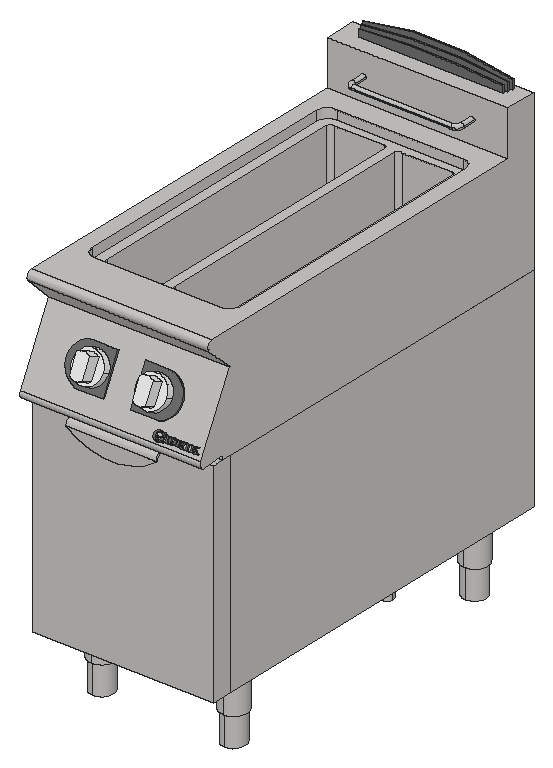
Revit family "QF_GIORIK_FE9207M", category Specialty Equipment, Revit 2014
Parameters (values of type "FE9207M")
  Weight in Pounds = 194.0066
  Watts = 14000 W
  Volts = 400 V
  URL Cutsheet = "www.giorik.com"
  URL = "www.giorik.com"
  Status [instance] = ""
  Specification by User [instance] = ""
  Specification by Manufacturer = ""
  Show Logo [instance] = yes
  Show Clearance [instance] = yes
  Serial Number = ""
  Seismic Rating = ""
  SMACNA No = ""
  Revision Code [instance] = ""
  Phase = 3
  Number of Poles [instance] = 3
  NAFEM Spec ID Number = ""
  Model = "FE9207M"
  Min Ckt Ampacity = 0 A
  Max Overcurrent Protection = 0 A
  Masterspec = ""
  Manufacturer = "GIORIK"
  Item Number [instance] = ""
  Installed By [instance] = ""
  Identify Quantity as Lot [instance] = no
  HP = "18.774280000000"
  Furnished By [instance] = ""
  Foodservice Equipment Identifier [instance] = yes
  FL Amps = 0 A
  Electrical Remarks [instance] = ""
  Electric Connection Type [instance] = ""
  Elec Conn RI Height [instance] = 0 mm
  Elec Conn Connection Height [instance] = 150 mm
  Description = "8+8 LITRE MELTING ELECTRIC FRYER."
  Cycle = 50 Hz
  Conn Plug = ""
  CSI MasterFormat = ""
  Assembly Code = "E1090320"
  Apparent Power = 14000 VA
Reference planes
  plane 1 "Back": y = 0
  plane 2: z = 0
  plane 3 "Left": x = 0
  plane 4 "Right": x = 400
  plane 5 "Front": y = -920
  plane 6 "Top": z = 900
Forms (mm)
  Extrusion 1, solid, visible <- "Show Logo"
    sketch origin (196.604, -936.761, 609.486) x (-1, 0, 0) y (0, 0.452718, 0.891654)
      loop
        line (-118.824, 58.358) -> (-127.804, 58.358) -> (-125.523, 56.445) -> (-125.523, 48.027) -> (-127.804, 46.113) -> (-118.824, 46.113) -> (-121.105, 48.027) -> (-121.105, 56.445) -> (-118.824, 58.358)
      loop
        line (-163.721, 58.358) -> (-172.7, 58.358) -> (-170.42, 56.445) -> (-170.42, 48.027) -> (-172.7, 46.113) -> (-163.721, 46.113) -> (-166.001, 48.027) -> (-166.001, 56.445) -> (-163.721, 58.358)
      loop
        line (-174.332, 58.358) -> (-183.312, 58.358) -> (-181.031, 56.445) -> (-181.031, 52.435) -> (-186.419, 56.955) -> (-184.416, 58.358) -> (-191.268, 58.358) -> (-188.01, 56.839) -> (-185.455, 54.283) -> (-190.846, 47.858) -> (-193.396, 46.93) -> (-193.396, 46.113) -> (-184.416, 46.113) -> (-185.437, 47.571) -> (-182.443, 51.552) -> (-181.031, 50.894) -> (-181.031, 48.027) -> (-183.312, 46.113) -> (-174.332, 46.113) -> (-176.613, 48.027) -> (-176.613, 56.445) -> (-174.332, 58.358)
      loop
        line (-115.429, 62.063) -> (-115.429, 54.198)
        arc (-115.429, 54.198) -> (-111.618, 57.803) -> (-106.847, 59.986) r 16.039
        arc (-106.847, 59.986) -> (-103.314, 59.837) -> (-100.512, 57.68) r 5.851
        arc (-100.512, 57.68) -> (-98.815, 52.267) -> (-100.512, 46.853) r 9.479
        arc (-100.512, 46.853) -> (-102.406, 44.986) -> (-104.846, 43.93) r 7.236
        arc (-104.846, 43.93) -> (-107.728, 44.111) -> (-110.052, 45.825) r 5.11
        line (-110.052, 45.825) -> (-110.052, 52.001) -> (-116.141, 52.001) -> (-116.141, 45.503) -> (-117.893, 43.751) -> (-114.094, 44.769)
        arc (-114.094, 44.769) -> (-112.56, 44.947) -> (-111.129, 44.366) r 3.115
        arc (-111.129, 44.366) -> (-104.216, 42.091) -> (-97.303, 44.366) r 11.641
        arc (-97.303, 44.366) -> (-93.396, 52.107) -> (-97.303, 59.849) r 9.622
        arc (-97.303, 59.849) -> (-104.369, 62.174) -> (-111.435, 59.849) r 11.898
        line (-111.435, 59.849) -> (-115.429, 62.063)
      loop
        arc (-129.234, 56.068) -> (-135.893, 58.628) -> (-142.552, 56.068) r 9.941
        arc (-142.552, 56.068) -> (-144.234, 52.286) -> (-142.552, 48.505) r 5.093
        arc (-142.552, 48.505) -> (-135.893, 45.945) -> (-129.234, 48.505) r 9.941
        arc (-129.234, 48.505) -> (-127.552, 52.286) -> (-129.234, 56.068) r 5.093
      loop
        arc (-132.628, 54.403) -> (-135.893, 57.668) -> (-139.158, 54.403) r 3.265
        line (-139.158, 54.403) -> (-139.158, 50.169)
        arc (-139.158, 50.169) -> (-135.893, 46.904) -> (-132.628, 50.169) r 3.265
        line (-132.628, 50.169) -> (-132.628, 54.403)
      loop
        arc (-156.363, 58.365) -> (-159.647, 55.081) -> (-156.363, 51.796) r 3.285
        line (-156.363, 51.796) -> (-159.529, 47.306) -> (-162.087, 46.113) -> (-155.847, 46.113) -> (-153.529, 51.083) -> (-150.637, 51.083) -> (-150.637, 47.784) -> (-153.022, 46.113) -> (-144.011, 46.113) -> (-146.094, 47.68) -> (-146.094, 56.493) -> (-144.229, 58.365) -> (-156.363, 58.365)
      loop
        line (-150.637, 57.512) -> (-153.637, 57.512)
        arc (-153.637, 57.512) -> (-156.237, 54.912) -> (-153.637, 52.312) r 2.6
        line (-153.637, 52.312) -> (-150.637, 52.312) -> (-150.637, 57.512)
      loop
        line (-108.924, 52.001) -> (-104.936, 49.005) -> (-100.948, 52.001) -> (-108.924, 52.001)
    from 1.5 to -0.5
  Extrusion 2, solid
    sketch origin (-16, 1025.81, 0) x (1, 0, 0) y (0, 1, 0)
      loop
        line (25, -1086.81) -> (25, -1156.81) -> (115, -1156.81) -> (115, -1086.81) -> (25, -1086.81)
    from 148 to 150
  Extrusion 3, solid
    sketch origin (-14, 0, 130) x (1, 0, 0) y (0, 1, 0)
      loop
        circle (54, -385) r 12.5
    from 0 to 20
  Extrusion 4, solid
    sketch origin (0, 800, -20) x (0, 1, 0) y (0, 0, 1)
      loop
        line (-800, 989.988) -> (-870, 989.988) -> (-870, 889.988) -> (-1688.806, 889.988)
        arc (-1688.806, 889.988) -> (-1699.151, 883.075) -> (-1696.724, 870.873) r 11.197
        line (-1696.724, 870.873) -> (-1640.876, 815.025) -> (-1718.948, 661.258)
        arc (-1718.948, 661.258) -> (-1718.233, 650.105) -> (-1708.118, 645.354) r 10.981
        line (-1708.118, 645.354) -> (-1660, 649.925) -> (-1660, 640) -> (-800, 640) -> (-800, 989.988)
    from 0 to 400
  Extrusion 5, solid
    sketch origin (0, -200, 599.536) x (1, 0, 0) y (0, 1, 0)
      loop
        line (0, -640) -> (40, -640) -> (40, 160) -> (360, 160) -> (360, -640) -> (400, -640) -> (400, 200) -> (0, 200) -> (0, -640)
    from -449.536 to 20.464
  Extrusion 6, solid
    sketch origin (0, -200, 0) x (1, 0, 0) y (0, 1, 0)
      loop
        line (40, 160) -> (40, -640) -> (360, -640) -> (360, 160) -> (40, 160)
    from 150 to 190
  Extrusion 7, solid
    sketch origin (-16, 360.81, 0) x (1, 0, 0) y (0, 1, 0)
      loop
        line (25, -1086.81) -> (25, -1156.81) -> (115, -1156.81) -> (115, -1086.81) -> (25, -1086.81)
    from 148 to 150
  Revolve 8, solid
    sketch origin (54, 360.81, 0) x (0, 1, 0) y (0, 0, 1)
      loop
        line (-1092.56, 66) -> (-1092.56, 148) -> (-1121.81, 148) -> (-1121.81, 0) -> (-1096.81, 0) -> (-1096.81, 66) -> (-1092.56, 66)
      axis (-1121.81, 0) -> (-1121.81, 148)
    angle from 0 to 360
  Revolve 9, solid
    sketch origin (54, 1025.81, 0) x (0, 1, 0) y (0, 0, 1)
      loop
        line (-1092.56, 66) -> (-1092.56, 148) -> (-1121.81, 148) -> (-1121.81, 0) -> (-1096.81, 0) -> (-1096.81, 66) -> (-1092.56, 66)
      axis (-1121.81, 0) -> (-1121.81, 148)
    angle from 0 to 360
  Extrusion 10, solid
    sketch origin (416, 360.81, 0) x (-1, 0, 0) y (0, -1, 0)
      loop
        line (25, 1086.81) -> (115, 1086.81) -> (115, 1156.81) -> (25, 1156.81) -> (25, 1086.81)
    from 148 to 150
  Revolve 11, solid
    sketch origin (346, 360.81, 0) x (0, 1, 0) y (0, 0, -1)
      loop
        line (-1092.56, -66) -> (-1096.81, -66) -> (-1096.81, 0) -> (-1121.81, 0) -> (-1121.81, -148) -> (-1092.56, -148) -> (-1092.56, -66)
      axis (-1121.81, 0) -> (-1121.81, -148)
    angle from 0 to 360
  Extrusion 12, solid
    sketch origin (416, -1217.81, 0) x (-1, 0, 0) y (0, -1, 0)
      loop
        line (25, -1086.81) -> (25, -1156.81) -> (115, -1156.81) -> (115, -1086.81) -> (25, -1086.81)
    from 148 to 150
  Revolve 13, solid
    sketch origin (346, -1217.81, 0) x (0, -1, 0) y (0, 0, 1)
      loop
        line (-1092.56, 66) -> (-1092.56, 148) -> (-1121.81, 148) -> (-1121.81, 0) -> (-1096.81, 0) -> (-1096.81, 66) -> (-1092.56, 66)
      axis (-1121.81, 0) -> (-1121.81, 148)
    angle from 0 to 360
  Extrusion 14, solid
    sketch origin (-293.221, -1163.345, 52.363) x (1, 0, 0) y (0, 0.452718, 0.891654)
      loop
        line (463.221, 676.25) -> (463.221, 766.25) -> (409.698, 766.25)
        arc (409.698, 766.25) -> (364.698, 721.25) -> (409.698, 676.25) r 45
        line (409.698, 676.25) -> (463.221, 676.25)
    from 48 to 50
  Extrusion 15, solid
    sketch origin (481.331, -1208.697, 74.959) x (-1, 0, 0) y (0, -0.45351, -0.891251)
      loop
        circle (351.331, -721.346) r 35
    from 0 to 15
  Extrusion 16, solid
    sketch origin (481.331, -1208.697, 74.959) x (-1, 0, 0) y (0, -0.45351, -0.891251)
      loop
        arc (336.331, -743.846) -> (351.331, -748.846) -> (366.331, -743.846) r 25
        line (366.331, -743.846) -> (366.331, -698.846)
        arc (366.331, -698.846) -> (351.331, -693.846) -> (336.331, -698.846) r 25
        line (336.331, -698.846) -> (336.331, -743.846)
    from 15 to 40
  Extrusion 17, solid
    sketch origin (-94, 0, 59.999) x (1, 0, 0) y (0, 0, 1)
      loop
        line (135, 909.989) -> (453, 909.989) -> (453, 925.527) -> (347.056, 931.749) -> (240.944, 931.749) -> (135, 925.527) -> (135, 909.989)
    from 32 to 35
  Extrusion 18, solid
    sketch origin (-92, 10, 59.999) x (1, 0, 0) y (0, 0, 1)
      loop
        line (454, 909.989) -> (454, 928.527) -> (346.162, 939.193) -> (237.838, 939.193) -> (130, 928.527) -> (130, 909.989) -> (454, 909.989)
    from 32 to 35
  Extrusion 19, solid
    sketch origin (-90, 20, 59.999) x (1, 0, 0) y (0, 0, 1)
      loop
        line (455, 909.989) -> (455, 930.527) -> (345.396, 947.413) -> (234.604, 947.413) -> (125, 930.527) -> (125, 909.989) -> (455, 909.989)
    from 32 to 35
  Extrusion 20, void
    sketch origin (0, -200, 819.988) x (0, 1, 0) y (-1, 0, 0)
      loop
        arc (80, -60) -> (72.678, -42.322) -> (55, -35) r 25
        line (55, -35) -> (-565.002, -35)
        arc (-565.002, -35) -> (-582.68, -42.322) -> (-590.002, -60) r 25
        line (-590.002, -60) -> (-590.002, -340)
        arc (-590.002, -340) -> (-582.68, -357.678) -> (-565.002, -365) r 25
        line (-565.002, -365) -> (55, -365)
        arc (55, -365) -> (72.678, -357.678) -> (80, -340) r 25
        line (80, -340) -> (80, -60)
    from -100 to 50
  Extrusion 21, solid
    sketch origin (0, -200, 900) x (0, 1, 0) y (-1, 0, 0)
      loop
        arc (80, -60) -> (72.678, -42.322) -> (55, -35) r 25
        line (55, -35) -> (-565.002, -35)
        arc (-565.002, -35) -> (-582.68, -42.322) -> (-590.002, -60) r 25
        line (-590.002, -60) -> (-590.002, -340)
        arc (-590.002, -340) -> (-582.68, -357.678) -> (-565.002, -365) r 25
        line (-565.002, -365) -> (55, -365)
        arc (55, -365) -> (72.678, -357.678) -> (80, -340) r 25
        line (80, -340) -> (80, -60)
      loop
        arc (60, -70) -> (57.071, -62.929) -> (50, -60) r 10
        line (50, -60) -> (-555.002, -60)
        arc (-555.002, -60) -> (-562.073, -62.929) -> (-565.002, -70) r 10
        line (-565.002, -70) -> (-565.002, -180)
        arc (-565.002, -180) -> (-562.073, -187.071) -> (-555.002, -190) r 10
        line (-555.002, -190) -> (50, -190)
        arc (50, -190) -> (57.071, -187.071) -> (60, -180) r 10
        line (60, -180) -> (60, -70)
      loop
        line (60, -330) -> (60, -220)
        arc (60, -220) -> (57.071, -212.929) -> (50, -210) r 10
        line (50, -210) -> (-555.002, -210)
        arc (-555.002, -210) -> (-562.073, -212.929) -> (-565.002, -220) r 10
        line (-565.002, -220) -> (-565.002, -330)
        arc (-565.002, -330) -> (-562.073, -337.071) -> (-555.002, -340) r 10
        line (-555.002, -340) -> (50, -340)
        arc (50, -340) -> (57.071, -337.071) -> (60, -330) r 10
    from -180.012 to -50
  Extrusion 22, solid
    sketch origin (693.221, -1163.345, 52.363) x (-1, 0, 0) y (0, -0.452718, -0.891654)
      loop
        line (463.221, -676.25) -> (409.698, -676.25)
        arc (409.698, -676.25) -> (364.698, -721.25) -> (409.698, -766.25) r 45
        line (409.698, -766.25) -> (463.221, -766.25) -> (463.221, -676.25)
    from 48 to 50
  Extrusion 23, solid
    sketch origin (-81.331, -1208.697, 74.959) x (1, 0, 0) y (0, 0.45351, 0.891251)
      loop
        circle (351.331, 721.346) r 35
    from 0 to 15
  Extrusion 24, solid
    sketch origin (-81.331, -1208.697, 74.959) x (1, 0, 0) y (0, 0.45351, 0.891251)
      loop
        line (336.331, 743.846) -> (336.331, 698.846)
        arc (336.331, 698.846) -> (351.331, 693.846) -> (366.331, 698.846) r 25
        line (366.331, 698.846) -> (366.331, 743.846)
        arc (366.331, 743.846) -> (351.331, 748.846) -> (336.331, 743.846) r 25
    from 15 to 40
  Extrusion 25, solid
    sketch origin (0, -925, 0) x (1, 0, 0) y (0, 0, 1)
      loop
        line (0, 620) -> (0, 150) -> (400, 150) -> (400, 620) -> (0, 620)
    from -85 to -40
  Extrusion 26, solid
    sketch origin (0, -925, -20.1) x (0, 1, 0) y (0, 0, 1)
      loop
        arc (25, 640.1) -> (14.393, 635.707) -> (10, 625.1) r 15
        line (10, 625.1) -> (12, 625.1)
        arc (12, 625.1) -> (15.808, 634.292) -> (25, 638.1) r 13
        line (25, 638.1) -> (40, 638.1) -> (40, 640.1) -> (25, 640.1)
    from 97.5 to 297.5
  Extrusion 27, solid
    sketch origin (0, -924.905, -20.1) x (1, 0, 0) y (0, 0, 1)
      loop
        arc (97.5, 625.1) -> (197.5, 590.089) -> (297.5, 625.1) r 160.316
        line (297.5, 625.1) -> (97.5, 625.1)
    from -11.905 to -9.905
  Extrusion 28, solid, visible <- "Show Clearance", detail levels coarse
    sketch origin (395, -925, 0) x (-1, 0, 0) y (0, -1, 0)
      loop
        line (-5, -40) -> (395, -40)
        arc (395, -40) -> (277.534, 241.069) -> (-5, 354.968) r 395
        line (-5, 354.968) -> (-5, -40)
    from 150 to 620
  Extrusion 29, solid
    sketch origin (0, 0, 100) x (0, 1, 0) y (-1, 0, 0)
      loop
        circle (-380, -380) r 12.5
    from 30 to 50
  Sweep 30, solid
    path origin (0, 0, 919.988) x (0, 1, 0) y (-1, 0, 0)
      loop
        line (-70, -80) -> (-100, -80)
        arc (-100, -80) -> (-107.071, -82.929) -> (-110, -90) r 10
        line (-110, -90) -> (-110, -310)
        arc (-110, -310) -> (-107.071, -317.071) -> (-100, -320) r 10
        line (-100, -320) -> (-70, -320)
    profile origin (80, -85, 919.988) x (1, 0, 0) y (0, 0, 1)
      loop
        circle (0, 0) r 5
Cuts and joins
  Extrusion 20 cuts Extrusion 4
Lines and regions (mm)
  symbolic lines, style "200-EquipBorder-2D"
    curve 1: line (0, -920, 0) -> (400, -920, 0)
    curve 2: line (400, -920, 0) -> (400, 0, 0)
    curve 3: line (400, 0, 0) -> (0, 0, 0)
    curve 4: line (0, 0, 0) -> (0, -920, 0)
  symbolic lines, style "200-EquipInternal-2D"
    curve 5: line (35, -12, 900) -> (365, -12, 900)
    curve 6: line (365, -12, 900) -> (365, -15, 900)
    curve 7: line (365, -15, 900) -> (35, -15, 900)
    curve 8: line (35, -15, 900) -> (35, -12, 900)
    curve 9: line (38, -22, 900) -> (362, -22, 900)
    curve 10: line (362, -22, 900) -> (362, -25, 900)
    curve 11: line (362, -25, 900) -> (38, -25, 900)
    curve 12: line (38, -25, 900) -> (38, -22, 900)
    curve 13: line (41, -32, 900) -> (359, -32, 900)
    curve 14: line (359, -32, 900) -> (359, -35, 900)
    curve 15: line (359, -35, 900) -> (41, -35, 900)
    curve 16: line (41, -35, 900) -> (41, -32, 900)
    curve 17: line (340, -120, 900) -> (60, -120, 900)
    curve 18: arc (60, -120, 900) -> (42.322, -127.322, 900) -> (35, -145, 900) r 25
    curve 19: line (35, -145, 900) -> (35, -765, 900)
    curve 20: arc (365, -145, 900) -> (357.678, -127.322, 900) -> (340, -120, 900) r 25
    curve 21: arc (340, -790, 900) -> (357.633, -782.723, 900) -> (365, -765.128, 900) r 25
    curve 22: line (60, -790, 900) -> (340, -790, 900)
    curve 23: arc (35, -765, 900) -> (42.322, -782.678, 900) -> (60, -790, 900) r 25
    curve 24: line (365, -765.128, 900) -> (365, -145, 900)
    curve 27: line (70, -140, 900) -> (180, -140, 900)
    curve 28: line (210, -755.002, 900) -> (210, -150, 900)
    curve 29: line (190, -150, 900) -> (190, -755.002, 900)
    curve 30: line (60, -755.002, 900) -> (60, -150, 900)
    curve 31: line (220, -140, 900) -> (330, -140, 900)
    curve 32: line (340, -150, 900) -> (340, -755.002, 900)
    curve 33: line (330, -765.002, 900) -> (220, -765.002, 900)
    curve 34: line (180, -765.002, 900) -> (70, -765.002, 900)
    curve 35: arc (70, -140, 900) -> (62.929, -142.929, 900) -> (60, -150, 900) r 10
    curve 36: arc (180, -140, 900) -> (187.071, -142.929, 900) -> (190, -150, 900) r 10
    curve 37: arc (210, -150, 900) -> (212.929, -142.929, 900) -> (220, -140, 900) r 10
    curve 38: arc (330, -140, 900) -> (337.071, -142.929, 900) -> (340, -150, 900) r 10
    curve 39: arc (60, -755.002, 900) -> (62.929, -762.073, 900) -> (70, -765.002, 900) r 10
    curve 40: arc (180, -765.002, 900) -> (187.071, -762.073, 900) -> (190, -755.002, 900) r 10
    curve 41: arc (340, -755.002, 900) -> (337.071, -762.073, 900) -> (330, -765.002, 900) r 10
    curve 42: arc (220, -765.002, 900) -> (212.929, -762.073, 900) -> (210, -755.002, 900) r 10
    curve 43: line (80, -70, 900) -> (80, -99.667, 900)
    curve 44: line (90, -100, 900) -> (90, -70, 900)
    curve 45: line (94.989, -104.989, 900) -> (315.27, -104.989, 900)
    curve 46: line (320.032, -100.227, 900) -> (320.032, -70, 900)
    curve 47: line (330.032, -70, 900) -> (330.032, -100.301, 900)
    curve 48: line (315.333, -115, 900) -> (95.333, -115, 900)
    curve 49: arc (95.333, -115, 900) -> (84.491, -110.509, 900) -> (80, -99.667, 900) r 15.333
    curve 50: arc (90, -100, 900) -> (91.461, -103.528, 900) -> (94.989, -104.989, 900) r 4.989
    curve 51: arc (315.333, -115, 900) -> (325.727, -110.695, 900) -> (330.032, -100.301, 900) r 14.699
    curve 52: arc (320.032, -100.227, 900) -> (318.637, -103.594, 900) -> (315.27, -104.989, 900) r 4.762
    curve 53: line (0, -70, 900) -> (400, -70, 900)
  symbolic lines, style "QF_Door-Drawer Clearances", visible <- "Show Clearance", detail levels coarse
    curve 25: arc (400, -1279.968, 0) -> (130.204, -1178.101, 0) -> (1.554, -920, 0) r 395
    curve 26: line (400, -920, 0) -> (400, -1279.968, 0)
Dimensions and locks
  plane 3 "Left" to plane 4 "Right" = 400 mm
  plane 5 "Front" to plane 1 "Back" = 920 mm
  plane 4 "Right" to plane 3 "Left" = 400 mm
  plane 1 "Back" to plane 5 "Front" = 920 mm
  plane 6 "Top" to level = 900 mm  (x2)
  aligned and locked: level to plane 2
Connectors
  electrical at (380, -380, 130), driven by "Apparent Power", driven by "Volts", driven by "Number of Poles"
    settings: on Extrusion 29, index 1, voltage 400 V, apparent load 0 VA, apparent load phase1 14000 VA, apparent load phase2 0 VA, apparent load phase3 0 VA, power factor 1, load classification "Other", number of poles 3, system type 31, power factor state 1, is connector primary yes, connector utility no, sub classification motor no, connector description "Electrical connection"
